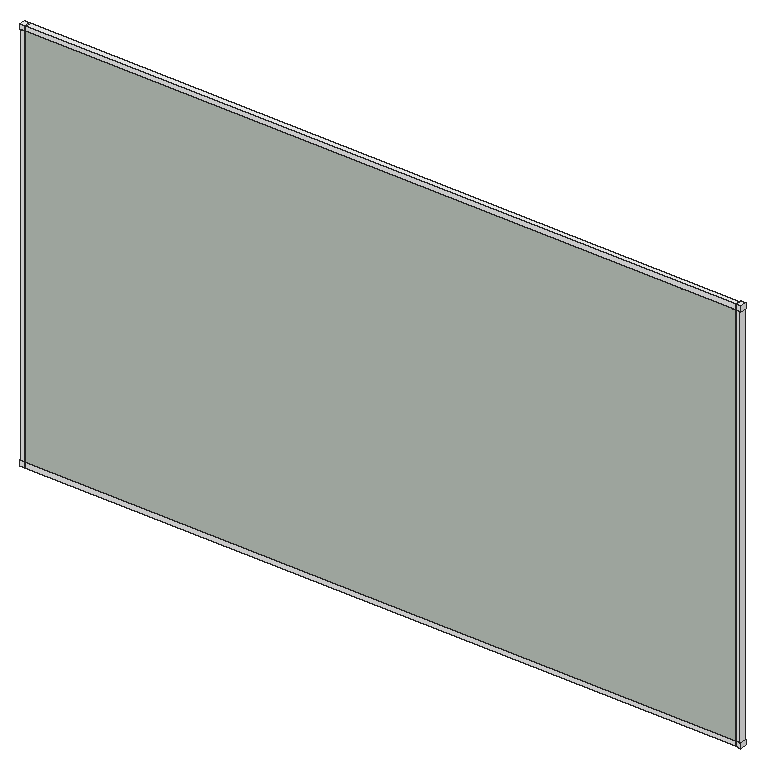
Revit family "TOTO_フリーサイズ大型鏡", category 衛生器具, Revit 2018
Family settings
  丸型コネクタ寸法 = 直径を使用
  パーツ タイプ = 標準
  OmniClass 番号 = 23.45.00.00
  OmniClass タイトル = Sanitary, Laundry, and Cleaning Equipment
  作業面ベース = いいえ
  常に垂直 = はい
  ロード時にボイドで切り取り = いいえ
  共有 = いいえ
  部屋計算ポイント = いいえ
Parameters
  高さ [instance] = 1100 mm
  製造元 = "TOTO株式会社"
  幅 [instance] = 2000 mm
  奥行 [instance] = 17.503 mm
  商品紹介URL = "https://jp.toto.com/products/public/accessory/index.htm"
  商品情報URL = "https://www.com-et.com/jp/item_view_manual/searchStr=MMA5/isHaiban=1/kensaku_info=2/datatype=1/hinban=MMA5A/renban=1/isNC=1/s_hinban=MMA5A/"
  品名 = "フリーサイズ大型鏡"
  モデル = "MMA5"
  マテリアル/色情報 = "ステンレス製"
  URL = "https://jp.toto.com/"
Reference planes
  plane 1 "中心(正面/背面)": y = 0
  plane 2: z = 0
  plane 3 "中心(左/右)": x = 0
  plane 4: z = 1100
  plane 5: z = 1085.5
  plane 6: z = 14.5
  plane 7: x = -14.5
  plane 8: x = -1985.5
  plane 9: x = -2000
  plane 10: y = 17.503
Forms (mm)
  Extrusion 1, solid, material "フレーム"
    sketch origin (0, 0, 0) x (1, 0, 0) y (0, 1, 0)
      loop
        line (-2000, 17.503) -> (-2000, 0) -> (-1985.5, 0) -> (-1985.5, 17.503) -> (-2000, 17.503)
    from 0 to 14.5
  Extrusion 2, solid, material "フレーム"
    sketch origin (1985.5, 0, 0) x (1, 0, 0) y (0, 1, 0)
      loop
        line (-2000, 17.503) -> (-2000, 0) -> (-1985.5, 0) -> (-1985.5, 17.503) -> (-2000, 17.503)
    from 0 to 14.5
  Extrusion 3, solid, material "フレーム"
    sketch origin (0, 0, 1086.5) x (1, 0, 0) y (0, 1, 0)
      loop
        line (-2000, 17.503) -> (-2000, 0) -> (-1985.5, 0) -> (-1985.5, 17.503) -> (-2000, 17.503)
    from -1 to 13.5
  Extrusion 4, solid, material "フレーム"
    sketch origin (1985.5, 0, 1086.5) x (1, 0, 0) y (0, 1, 0)
      loop
        line (-2000, 17.503) -> (-2000, 0) -> (-1985.5, 0) -> (-1985.5, 17.503) -> (-2000, 17.503)
    from -1 to 13.5
  Extrusion 5, solid, material "フレーム"
    sketch origin (0, 0, 0) x (1, 0, 0) y (0, 1, 0)
      loop
        line (-14, 16.603) -> (-14, 0) -> (-1, 0) -> (-1, 16.603) -> (-14, 16.603)
    from 14.5 to 1085.5
  Extrusion 6, solid, material "フレーム"
    sketch origin (-2000, 0, 0) x (-1, 0, 0) y (0, -1, 0)
      loop
        line (-14, -16.603) -> (-1, -16.603) -> (-1, 0) -> (-14, 0) -> (-14, -16.603)
    from 14.5 to 1085.5
  Extrusion 7, solid, material "フレーム"
    sketch origin (0, 0, 0) x (0, 1, 0) y (0, 0, 1)
      loop
        line (0, 1099) -> (0, 1086) -> (16.603, 1086) -> (16.603, 1099) -> (0, 1099)
    from -1985.5 to -14.5
  Extrusion 8, solid, material "フレーム"
    sketch origin (0, 0, 1101) x (0, 1, 0) y (0, 0, 1)
      loop
        line (0, -1100) -> (16.603, -1100) -> (16.603, -1087) -> (0, -1087) -> (0, -1100)
    from -1985.5 to -14.5
  Extrusion 9, solid, material "鏡"
    sketch origin (0, 0, 0) x (1, 0, 0) y (0, 1, 0)
      loop
        line (-1986, 16.603) -> (-1986, 0) -> (-14, 0) -> (-14, 16.603) -> (-1986, 16.603)
    from 14 to 1086
Dimensions and locks
  locked: plane 5 to plane 4 at 14.5
  locked: level to plane 6 at 14.5
  locked: plane 3 "中心(左/右)" to plane 7 at 14.5
  locked: plane 8 to plane 9 at 14.5
  locked: plane 9 to Extrusion 6 sketch curve at 1
  locked: Extrusion 6 sketch curve to Extrusion 6 sketch curve at 13
  locked: Extrusion 7 sketch curve to plane 4 at 1
  locked: Extrusion 7 sketch curve to Extrusion 7 sketch curve at 13
  locked: plane 10 to Extrusion 6 sketch curve at 0.9
  locked: Extrusion 5 sketch curve to plane 10 at 0.9
  locked: Extrusion 7 sketch curve to plane 10 at 0.9
  locked: Extrusion 8 sketch curve to plane 10 at 0.9
  "高さ": level to plane 4
  "幅": plane 3 "中心(左/右)" to plane 9
  "奥行": plane 1 "中心(正面/背面)" to plane 10
  aligned and locked: level to plane 2
  aligned and locked: Extrusion 4 to plane 4
  aligned and locked: plane 3 "中心(左/右)" to Extrusion 4
  aligned and locked: Extrusion 4 to plane 5
  aligned and locked: Extrusion 4 to plane 7
  aligned and locked: plane 5 to Extrusion 5
  aligned and locked: plane 3 "中心(左/右)" to Extrusion 2
  aligned and locked: Extrusion 2 to plane 7
  aligned and locked: Extrusion 2 to level
  aligned and locked: Extrusion 2 to plane 6
  aligned and locked: plane 6 to Extrusion 5
  aligned and locked: plane 7 to Extrusion 7
  aligned and locked: plane 7 to Extrusion 8
  aligned and locked: Extrusion 3 to plane 8
  aligned and locked: Extrusion 3 to plane 9
  aligned and locked: Extrusion 3 to plane 4
  aligned and locked: Extrusion 3 to plane 5
  aligned and locked: plane 8 to Extrusion 7
  aligned and locked: plane 5 to Extrusion 6
  aligned and locked: level to Extrusion 1
  aligned and locked: Extrusion 1 to plane 6
  aligned and locked: Extrusion 1 to plane 8
  aligned and locked: Extrusion 1 to plane 9
  aligned and locked: plane 6 to Extrusion 6
  aligned and locked: plane 8 to Extrusion 8
  aligned and locked: Extrusion 4 to plane 10
  aligned and locked: Extrusion 2 to plane 10
  aligned and locked: Extrusion 1 to plane 10
  aligned and locked: Extrusion 3 to plane 10
  aligned and locked: plane 10 to Extrusion 4
  aligned and locked: Extrusion 9 to Extrusion 7
  aligned and locked: Extrusion 9 to Extrusion 8
  aligned and locked: Extrusion 9 to Extrusion 6  (x2)
  aligned and locked: Extrusion 3 to Extrusion 9
Automatic sketch dimensions
  Extrusion 1 sketch curve to plane 1 "中心(正面/背面)" = 0 mm
  Extrusion 1 sketch curve to plane 9 = 0 mm
  Extrusion 1 sketch curve to plane 8 = 0 mm
  Extrusion 1 sketch curve to plane 10 = 0 mm
  plane 1 "中心(正面/背面)" to Extrusion 2 sketch curve = 0 mm
  Extrusion 2 sketch curve to plane 7 = 0 mm
  Extrusion 2 sketch curve to plane 3 "中心(左/右)" = 0 mm
  plane 10 to Extrusion 2 sketch curve = 0 mm
  Extrusion 3 sketch curve to plane 1 "中心(正面/背面)" = 0 mm
  Extrusion 3 sketch curve to plane 9 = 0 mm
  Extrusion 3 sketch curve to plane 8 = 0 mm
  Extrusion 3 sketch curve to plane 10 = 0 mm
  plane 1 "中心(正面/背面)" to Extrusion 4 sketch curve = 0 mm
  Extrusion 4 sketch curve to plane 7 = 0 mm
  Extrusion 4 sketch curve to plane 3 "中心(左/右)" = 0 mm
  plane 10 to Extrusion 4 sketch curve = 0 mm
  plane 1 "中心(正面/背面)" to Extrusion 5 sketch curve = 0 mm
  plane 7 to Extrusion 5 sketch curve = 0.5 mm
  Extrusion 5 sketch curve to plane 3 "中心(左/右)" = 1 mm
  Extrusion 6 sketch curve to plane 1 "中心(正面/背面)" = 0 mm
  Extrusion 7 sketch curve to plane 1 "中心(正面/背面)" = 0 mm
  Extrusion 8 sketch curve to plane 1 "中心(正面/背面)" = 0 mm
  Extrusion 8 sketch curve to plane 6 = 0.5 mm
  Extrusion 8 sketch curve to level = 1 mm
  Extrusion 9 sketch curve to plane 1 "中心(正面/背面)" = 0 mm
  plane 8 to Extrusion 9 sketch curve = 0.5 mm
  plane 7 to Extrusion 9 sketch curve = 0.5 mm
  plane 10 to Extrusion 9 sketch curve = 0.9 mm
